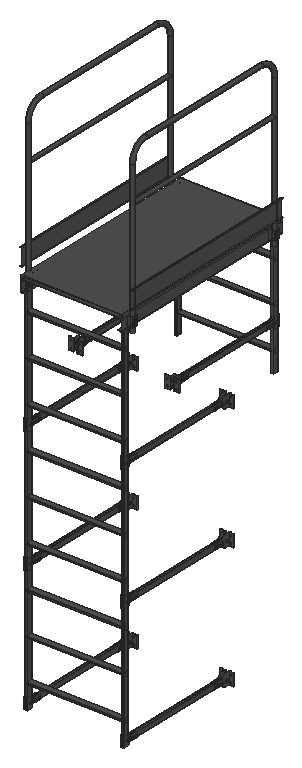
Revit family "BORGE_Вертикальная пожарная лестница_П-1", category Обобщенные модели, Revit 2019
Family settings
  Может служить основой для арматурных стержней = Нет
  Размер круглого соединителя = Использовать диаметр
  Тип детали = Нормальный
  Номер OmniClass = 23.75.70.21.27.11
  Заголовок OmniClass = Diffusers, Registers, and Grilles
  На основе рабочей плоскости = Нет
  Всегда вертикально = Да
  При загрузке вырезать с полостями = Нет
  Общий = Нет
  Точка расчета площади = Нет
Parameters (values of type "Пожарная лестница_П1-1_Чёрный матовый_RAL 9005")
  Предупреждение [instance] = if(BORGE_Высота лестницы > 6000 mm, "Максимальная высота лестницы без ограждения - 6 м", "")  # ""
  Площадка_Тип [instance] = 3
  Лестница_Внутренняя_Тип [instance] = 0
  Лестница_Внутренняя_Видимость [instance] = yes
  Лестница_Внешняя_2_Тип [instance] = 3
  Лестница_Внешняя_1_Тип [instance] = 3
  Кронштейн_Внутренний_Тип [instance] = 0
  Кронштейн_Внешний_Тип [instance] = 3
  Описание = "Максимальная высота лестницы 6м."  # constant formula
  Кронштейн_Внутренний_Видимость [instance] = yes
  Кронштейн_Внутренний_1_Высота [instance] = 700 mm
  Кронштейн_Внешний_6_Высота [instance] = 1000 mm
  Кронштейн_Внешний_6_Видимость [instance] = yes
  Кронштейн_Внешний_5_Высота [instance] = 1000 mm
  Кронштейн_Внешний_5_Видимость [instance] = yes
  Кронштейн_Внешний_4_Высота [instance] = 1000 mm
  Кронштейн_Внешний_4_Видимость [instance] = yes
  Кронштейн_Внешний_3_Высота [instance] = 1000 mm
  Кронштейн_Внешний_3_Видимость [instance] = yes
  Кронштейн_Внешний_2_Высота [instance] = 1000 mm
  Кронштейн_Внешний_2_Видимость [instance] = yes
  Кронштейн_Внешний_1_Высота [instance] = 1000 mm
  Кронштейн_Внешний_1_Видимость [instance] = yes
  Изготовитель = "ООО «Борге», ООО «Бипро»"  # constant formula
  l1 [instance] = if(Кронштейн_Внешний_Тип = 1, 325 mm, if(Кронштейн_Внешний_Тип = 2, 625 mm, if(Кронштейн_Внешний_Тип = 3, 1025 mm, 325 mm)))  # 1025 mm
  Kr_6_Vis [instance] = if(BORGE_Автопостроение длины лестницы, if(ADSK_Размер_Высота > 5999 mm, 1 = 1, 1 = 0), Кронштейн_Внешний_6_Видимость)  # no
  h_6 [instance] = if(BORGE_Автопостроение длины лестницы, 1000 mm, Кронштейн_Внешний_6_Высота)  # 1000 mm
  Kr_5_Vis [instance] = if(BORGE_Автопостроение длины лестницы, if(ADSK_Размер_Высота > 4999 mm, 1 = 1, 1 = 0), Кронштейн_Внешний_5_Видимость)  # no
  h_5 [instance] = if(BORGE_Автопостроение длины лестницы, 1000 mm, Кронштейн_Внешний_5_Высота)  # 1000 mm
  Kr_4_Vis [instance] = if(BORGE_Автопостроение длины лестницы, if(ADSK_Размер_Высота > 3999 mm, 1 = 1, 1 = 0), Кронштейн_Внешний_4_Видимость)  # no
  h_4 [instance] = if(BORGE_Автопостроение длины лестницы, 1000 mm, Кронштейн_Внешний_4_Высота)  # 1000 mm
  Kr_3_Vis [instance] = if(BORGE_Автопостроение длины лестницы, if(ADSK_Размер_Высота > 2999 mm, 1 = 1, 1 = 0), Кронштейн_Внешний_3_Видимость)  # yes
  h_3 [instance] = if(BORGE_Автопостроение длины лестницы, 1000 mm, Кронштейн_Внешний_3_Высота)  # 1000 mm
  Kr_2_Vis [instance] = if(BORGE_Автопостроение длины лестницы, if(ADSK_Размер_Высота > 1999 mm, 1 = 1, 1 = 0), Кронштейн_Внешний_2_Видимость)  # yes
  h_2 [instance] = if(BORGE_Автопостроение длины лестницы, 1000 mm, Кронштейн_Внешний_2_Высота)  # 1000 mm
  Kr_1_Vis [instance] = if(BORGE_Автопостроение длины лестницы, if(ADSK_Размер_Высота > 999 mm, 1 = 1, 1 = 0), Кронштейн_Внешний_1_Видимость)  # yes
  h_1 [instance] = if(BORGE_Автопостроение длины лестницы, 1500 mm, if(Кронштейн_Внешний_1_Высота > 1500 mm, 1500 mm, Кронштейн_Внешний_1_Высота))  # 1500 mm
  Les_Vis_2 [instance] = if(BORGE_Автопостроение длины лестницы, if(ADSK_Размер_Высота > 3999 mm, 1 = 1, 1 = 0), if(Лестница_Внешняя_2_Тип > 1, 1 = 1, 1 = 0))  # no
  Les_Vis_1 [instance] = if(BORGE_Автопостроение длины лестницы, if(ADSK_Размер_Высота > 999 mm, 1 = 1, 1 = 0), if(Лестница_Внешняя_1_Тип > 1, 1 = 1, 1 = 0))  # yes
  URL = "https://borge.ru/"
  LT = "BORGE_Снегозадержатель_Трубчатый"  # constant formula
  Code2_Площадка [instance] = if(Площадка_Тип = 1, Code2, if(Площадка_Тип = 2, Code2 + 22, if(Площадка_Тип = 3, Code2 + 22 * 2, Code2)))  # 46
  Code2_Лестница_Внутренняя [instance] = if(Лестница_Внутренняя_Тип = 1, Code2, if(Лестница_Внутренняя_Тип = 2, Code2, if(Лестница_Внутренняя_Тип = 3, Code2, Code2)))  # 2
  Code2_Лестница_Внешняя_2 [instance] = if(BORGE_Автопостроение длины лестницы, if(ADSK_Размер_Высота > 5999 mm, Code2 + 22 * 2, if(ADSK_Размер_Высота > 4999 mm, Code2 + 22, if(ADSK_Размер_Высота > 3999 mm, Code2, Code2))), if(Лестница_Внешняя_2_Тип = 1, Code2, if(Лестница_Внешняя_2_Тип = 2, Code2 + 22, if(Лестница_Внешняя_2_Тип = 3, Code2 + 22 * 2, Code2))))  # 2
  Code2_Лестница_Внешняя_1 [instance] = if(BORGE_Автопостроение длины лестницы, if(ADSK_Размер_Высота > 2999 mm, Code2 + 22 * 2, if(ADSK_Размер_Высота > 1999 mm, Code2 + 22, if(ADSK_Размер_Высота > 999 mm, Code2, Code2))), if(Лестница_Внешняя_1_Тип = 1, Code2, if(Лестница_Внешняя_1_Тип = 2, Code2 + 22, if(Лестница_Внешняя_1_Тип = 3, Code2 + 22 * 2, Code2))))  # 46
  Code2_Кронштейн_Внутренний [instance] = if(Кронштейн_Внутренний_Тип = 3, Code2, if(Кронштейн_Внутренний_Тип = 1, Code2 + 22, if(Кронштейн_Внутренний_Тип = 2, Code2 + 22 * 2, Code2)))  # 2
  Code2_Кронштейн_Внешний [instance] = if(Кронштейн_Внешний_Тип = 3, Code2, if(Кронштейн_Внешний_Тип = 1, Code2 + 22, if(Кронштейн_Внешний_Тип = 2, Code2 + 22 * 2, Code2)))  # 2
  Code2 = 2
  BORGE_Высота лестницы [instance] = 3000 mm
  BORGE_Автопостроение длины лестницы [instance] = yes
  BIM Support_Сайт = "https://www.bim-support.ru/"
  BIM Support_Разрабочик = "BIM Support"  # constant formula
  ADSK_Размер_Высота [instance] = if(BORGE_Высота лестницы < 6001 mm, roundup(BORGE_Высота лестницы / 1000 mm) * 1000 mm, 6000 mm)  # 3000 mm
  ADSK_Примечание [instance] = ""
  ADSK_Позиция [instance] = ""
  ADSK_Обозначение [instance] = "П1-1"  # constant formula
  ADSK_Наименование краткое [instance] = "Пожарная лестница"
  ADSK_Наименование [instance] = "Пожарная лестница П1-1"  # constant formula
  ADSK_Материал = BOGRE_Уcловный_Чёрный матовый_RAL 9005
  ADSK_Масса_Текст [instance] = "0"
  ADSK_Масса [instance] = 0
  ADSK_Марка [instance] = ADSK_Обозначение  # "П1-1"
  ADSK_Количество [instance] = 1  # constant formula
  ADSK_Код изделия [instance] = ""
  ADSK_Завод-изготовитель [instance] = "ООО «Борге», ООО «Бипро»"  # constant formula
  ADSK_Единица измерения [instance] = "шт."  # constant formula
  ADSK_Группирование [instance] = ""
  ADSK_Версия семейства = "Rev1 2023-08"  # constant formula
  ADSK_URL страницы изделия = "https://borge.pro/p1-1"
  ADSK_URL документации изделия = "https://borge.pro/p1-1"
  A [instance] = if(Площадка_Тип = 1, 800 mm, if(Площадка_Тип = 2, 1200 mm, if(Площадка_Тип = 3, 1600 mm, 800 mm)))  # 1600 mm
Reference planes
  plane 1 "По центру (Вперед/Назад)": y = 0
  plane 2: z = 0
  plane 3 "По центру (Влево/Вправо)": x = 0
  plane 4: z = 1500
  plane 5: z = 2500
  plane 6: z = 3500
  plane 7: z = 4550
  plane 8: y = 525
  plane 9: z = 4500
  plane 10: y = -1075
  plane 11: y = -1025
  plane 12: y = 475
  plane 13: x = -387.486
  plane 14: x = 387.486
  plane 15: z = 4500
  plane 16: z = 5500
  plane 17: z = 6500
  plane 18: z = 7500
  plane 19: z = 3850
  plane 20: z = 1483
Dimensions and locks
  "h_2": plane 5 to plane 4
  "h_3": plane 6 to plane 5
  locked: plane 7 to plane 9 at 50
  "A": plane 10 to plane 8
  locked: plane 10 to plane 11 at 50
  locked: plane 12 to plane 8 at 50
  "l1": plane 1 "По центру (Вперед/Назад)" to plane 11
  "ADSK_Размер_Высота": plane 9 to plane 4
  "h_4": plane 15 to plane 6
  "h_5": plane 16 to plane 15
  "h_6": plane 17 to plane 16
  "h_1": plane 4 to plane 2
  plane 7 to plane 19 = 700 mm
  "Кронштейн_Внутренний_1_Высота": plane 7 to plane 19
  locked: plane 4 to plane 20 at 17
  aligned and locked: level to plane 2
  aligned and locked: plane 3 "По центру (Влево/Вправо)" to nested 1
  aligned and locked: nested 1 to plane 7
  aligned and locked: plane 8 to nested 1
  aligned and locked: plane 9 to nested 2
  aligned and locked: plane 11 to nested 2
  aligned and locked: plane 9 to nested 3
  aligned and locked: plane 13 to nested 4
  aligned and locked: plane 4 to nested 4  (x2)
  aligned and locked: plane 1 "По центру (Вперед/Назад)" to nested 4
  aligned and locked: nested 5 to plane 14
  aligned and locked: plane 4 to nested 5  (x2)
  aligned and locked: plane 1 "По центру (Вперед/Назад)" to nested 5
  aligned and locked: plane 1 "По центру (Вперед/Назад)" to nested 6
  aligned and locked: plane 1 "По центру (Вперед/Назад)" to nested 7
  aligned and locked: plane 1 "По центру (Вперед/Назад)" to nested 8
  aligned and locked: plane 1 "По центру (Вперед/Назад)" to nested 9
  aligned and locked: plane 12 to nested 3
  aligned and locked: plane 17 to nested 17  (x3)
  aligned and locked: plane 16 to nested 15  (x3)
  aligned and locked: plane 15 to nested 13  (x2)
  aligned and locked: plane 6 to nested 8  (x3)
  aligned and locked: plane 5 to nested 6
  aligned and locked: plane 5 to nested 7
  aligned and locked: plane 6 to nested 9
  aligned and locked: plane 15 to nested 14
  aligned and locked: plane 16 to nested 16
  aligned and locked: plane 17 to nested 18
  aligned and locked: plane 11 to nested 12
  aligned and locked: nested 10 to plane 19
  aligned and locked: nested 11 to plane 19
  aligned and locked: nested 10 to plane 13
  aligned and locked: plane 14 to nested 11
  aligned and locked: plane 20 to nested 12
  aligned and locked: nested 10 to plane 12
  aligned and locked: nested 11 to plane 12
Nested families
  nested 1: "SHD_BORGE_Площадка переходная" at (0, 525, 4426.1), ADSK_Материал <- "ADSK_Материал", Code2 <- "Code2_Площадка", ADSK_Группирование <- "ADSK_Группирование", type "Площадка переходная", detail levels fine
    with H 1360 mm, Code2 46, Code1 3, B 800 mm, ADSK_Размер_Ширина 800 mm, ADSK_Размер_Длина 1600 mm, ADSK_Размер_Высота 1360 mm, ADSK_Примечание "", ADSK_Позиция "", ADSK_Обозначение "08.111.16.08.12.000.9005M", ADSK_Наименование краткое "Площадка переходная", ADSK_Наименование "Площадка переходная BORGE 800х1600мм, оцинк., чёрный (RAL 9005 matt)", ADSK_Материал BOGRE_Уcловный_Чёрный матовый_RAL 9005, ADSK_Масса_Текст "2", ADSK_Масса 2, ADSK_Марка "08.111.16.08.12.000.9005M", ADSK_Количество 1, ADSK_Код изделия "", ADSK_Завод-изготовитель "ООО «Борге», ООО «Бипро»", ADSK_Единица измерения "шт.", ADSK_Группирование "", A 1600 mm
  nested 2: "SHD_BORGE_Секция пожарной лестницы" at (0, -1025, 3483), Code2 <- "Code2_Лестница_Внешняя_2", ADSK_Материал <- "ADSK_Материал", visible <- "Les_Vis_2", ADSK_Группирование <- "ADSK_Группирование", type "Секция пожарной лестницы", detail levels fine
    with Vis_3 no, Vis_2 no, Vis_1 yes, H 1000 mm, Code2 2, Code1 1, ADSK_Размер_Высота 1000 mm, ADSK_Примечание "", ADSK_Позиция "", ADSK_Обозначение "08.113.10.08.01.000.9005M", ADSK_Наименование краткое "Секция пожарной лестницы", ADSK_Наименование "Секция пожарной лестницы BORGE 800, 1м, оцинк., чёрный (RAL 9005 matt), CZn", ADSK_Материал BOGRE_Уcловный_Чёрный матовый_RAL 9005, ADSK_Масса_Текст "0.94", ADSK_Масса 0.94, ADSK_Марка "08.113.10.08.01.000.9005M", ADSK_Количество 1, ADSK_Код изделия "", ADSK_Завод-изготовитель "ООО «Борге», ООО «Бипро»", ADSK_Единица измерения "шт.", ADSK_Группирование ""
  nested 3: "SHD_BORGE_Секция пожарной лестницы" at (0, 475, 3483), Code2 <- "Code2_Лестница_Внутренняя", ADSK_Материал <- "ADSK_Материал", ADSK_Группирование <- "ADSK_Группирование", visible <- "Лестница_Внутренняя_Видимость", type "Секция пожарной лестницы", detail levels fine
    with Vis_3 no, Vis_2 no, Vis_1 yes, H 1000 mm, Code2 2, Code1 1, ADSK_Размер_Высота 1000 mm, ADSK_Примечание "", ADSK_Позиция "", ADSK_Обозначение "08.113.10.08.01.000.9005M", ADSK_Наименование краткое "Секция пожарной лестницы", ADSK_Наименование "Секция пожарной лестницы BORGE 800, 1м, оцинк., чёрный (RAL 9005 matt), CZn", ADSK_Материал BOGRE_Уcловный_Чёрный матовый_RAL 9005, ADSK_Масса_Текст "0.94", ADSK_Масса 0.94, ADSK_Марка "08.113.10.08.01.000.9005M", ADSK_Количество 1, ADSK_Код изделия "", ADSK_Завод-изготовитель "ООО «Борге», ООО «Бипро»", ADSK_Единица измерения "шт.", ADSK_Группирование ""
  nested 4: "SHD_BORGE_Стеновой кронштейн" at (-387.486, 0, 1500), Code2 <- "Code2_Кронштейн_Внешний", ADSK_Материал <- "ADSK_Материал", visible <- "Kr_1_Vis", ADSK_Группирование <- "ADSK_Группирование", type "Стеновой кронштейн", detail levels fine
    with L 1000 mm, Code2 2, Code1 3, ADSK_Размер_Длина 1047 mm, ADSK_Примечание "", ADSK_Позиция "", ADSK_Обозначение "08.104.10.01.01.000.9005M", ADSK_Наименование краткое "Стеновой кронштейн", ADSK_Наименование "Стеновой кронштейн BORGE для пожарной лестницы, 1000мм, оцинк., чёрный (RAL 9005 matt)", ADSK_Материал BOGRE_Уcловный_Чёрный матовый_RAL 9005, ADSK_Масса_Текст "2", ADSK_Масса 2, ADSK_Марка "08.104.10.01.01.000.9005M", ADSK_Количество 1, ADSK_Код изделия "", ADSK_Завод-изготовитель "ООО «Борге», ООО «Бипро»", ADSK_Единица измерения "шт.", ADSK_Группирование ""
  nested 5: "SHD_BORGE_Стеновой кронштейн" at (387.486, 0, 1500), Code2 <- "Code2_Кронштейн_Внешний", ADSK_Материал <- "ADSK_Материал", visible <- "Kr_1_Vis", ADSK_Группирование <- "ADSK_Группирование", type "Стеновой кронштейн", detail levels fine
    with L 1000 mm, Code2 2, Code1 3, ADSK_Размер_Длина 1047 mm, ADSK_Примечание "", ADSK_Позиция "", ADSK_Обозначение "08.104.10.01.01.000.9005M", ADSK_Наименование краткое "Стеновой кронштейн", ADSK_Наименование "Стеновой кронштейн BORGE для пожарной лестницы, 1000мм, оцинк., чёрный (RAL 9005 matt)", ADSK_Материал BOGRE_Уcловный_Чёрный матовый_RAL 9005, ADSK_Масса_Текст "2", ADSK_Масса 2, ADSK_Марка "08.104.10.01.01.000.9005M", ADSK_Количество 1, ADSK_Код изделия "", ADSK_Завод-изготовитель "ООО «Борге», ООО «Бипро»", ADSK_Единица измерения "шт.", ADSK_Группирование ""
  nested 6: "SHD_BORGE_Стеновой кронштейн" at (-387.486, 0, 2500), Code2 <- "Code2_Кронштейн_Внешний", ADSK_Материал <- "ADSK_Материал", visible <- "Kr_2_Vis", ADSK_Группирование <- "ADSK_Группирование", type "Стеновой кронштейн", detail levels fine
    with L 1000 mm, Code2 2, Code1 3, ADSK_Размер_Длина 1047 mm, ADSK_Примечание "", ADSK_Позиция "", ADSK_Обозначение "08.104.10.01.01.000.9005M", ADSK_Наименование краткое "Стеновой кронштейн", ADSK_Наименование "Стеновой кронштейн BORGE для пожарной лестницы, 1000мм, оцинк., чёрный (RAL 9005 matt)", ADSK_Материал BOGRE_Уcловный_Чёрный матовый_RAL 9005, ADSK_Масса_Текст "2", ADSK_Масса 2, ADSK_Марка "08.104.10.01.01.000.9005M", ADSK_Количество 1, ADSK_Код изделия "", ADSK_Завод-изготовитель "ООО «Борге», ООО «Бипро»", ADSK_Единица измерения "шт.", ADSK_Группирование ""
  nested 7: "SHD_BORGE_Стеновой кронштейн" at (387.486, 0, 2500), Code2 <- "Code2_Кронштейн_Внешний", ADSK_Материал <- "ADSK_Материал", visible <- "Kr_2_Vis", ADSK_Группирование <- "ADSK_Группирование", type "Стеновой кронштейн", detail levels fine
    with L 1000 mm, Code2 2, Code1 3, ADSK_Размер_Длина 1047 mm, ADSK_Примечание "", ADSK_Позиция "", ADSK_Обозначение "08.104.10.01.01.000.9005M", ADSK_Наименование краткое "Стеновой кронштейн", ADSK_Наименование "Стеновой кронштейн BORGE для пожарной лестницы, 1000мм, оцинк., чёрный (RAL 9005 matt)", ADSK_Материал BOGRE_Уcловный_Чёрный матовый_RAL 9005, ADSK_Масса_Текст "2", ADSK_Масса 2, ADSK_Марка "08.104.10.01.01.000.9005M", ADSK_Количество 1, ADSK_Код изделия "", ADSK_Завод-изготовитель "ООО «Борге», ООО «Бипро»", ADSK_Единица измерения "шт.", ADSK_Группирование ""
  nested 8: "SHD_BORGE_Стеновой кронштейн" at (-387.486, 0, 3500), Code2 <- "Code2_Кронштейн_Внешний", ADSK_Материал <- "ADSK_Материал", visible <- "Kr_3_Vis", ADSK_Группирование <- "ADSK_Группирование", type "Стеновой кронштейн", detail levels fine
    with L 1000 mm, Code2 2, Code1 3, ADSK_Размер_Длина 1047 mm, ADSK_Примечание "", ADSK_Позиция "", ADSK_Обозначение "08.104.10.01.01.000.9005M", ADSK_Наименование краткое "Стеновой кронштейн", ADSK_Наименование "Стеновой кронштейн BORGE для пожарной лестницы, 1000мм, оцинк., чёрный (RAL 9005 matt)", ADSK_Материал BOGRE_Уcловный_Чёрный матовый_RAL 9005, ADSK_Масса_Текст "2", ADSK_Масса 2, ADSK_Марка "08.104.10.01.01.000.9005M", ADSK_Количество 1, ADSK_Код изделия "", ADSK_Завод-изготовитель "ООО «Борге», ООО «Бипро»", ADSK_Единица измерения "шт.", ADSK_Группирование ""
  nested 9: "SHD_BORGE_Стеновой кронштейн" at (387.486, 0, 3500), Code2 <- "Code2_Кронштейн_Внешний", ADSK_Материал <- "ADSK_Материал", visible <- "Kr_3_Vis", ADSK_Группирование <- "ADSK_Группирование", type "Стеновой кронштейн", detail levels fine
    with L 1000 mm, Code2 2, Code1 3, ADSK_Размер_Длина 1047 mm, ADSK_Примечание "", ADSK_Позиция "", ADSK_Обозначение "08.104.10.01.01.000.9005M", ADSK_Наименование краткое "Стеновой кронштейн", ADSK_Наименование "Стеновой кронштейн BORGE для пожарной лестницы, 1000мм, оцинк., чёрный (RAL 9005 matt)", ADSK_Материал BOGRE_Уcловный_Чёрный матовый_RAL 9005, ADSK_Масса_Текст "2", ADSK_Масса 2, ADSK_Марка "08.104.10.01.01.000.9005M", ADSK_Количество 1, ADSK_Код изделия "", ADSK_Завод-изготовитель "ООО «Борге», ООО «Бипро»", ADSK_Единица измерения "шт.", ADSK_Группирование ""
  nested 10: "SHD_BORGE_Стеновой кронштейн" at (-387.486, -549.996, 3850), Code2 <- "Code2_Кронштейн_Внутренний", ADSK_Материал <- "ADSK_Материал", ADSK_Группирование <- "ADSK_Группирование", visible <- "Кронштейн_Внутренний_Видимость", type "Стеновой кронштейн", detail levels fine
    with L 1000 mm, Code2 2, Code1 3, ADSK_Размер_Длина 1047 mm, ADSK_Примечание "", ADSK_Позиция "", ADSK_Обозначение "08.104.10.01.01.000.9005M", ADSK_Наименование краткое "Стеновой кронштейн", ADSK_Наименование "Стеновой кронштейн BORGE для пожарной лестницы, 1000мм, оцинк., чёрный (RAL 9005 matt)", ADSK_Материал BOGRE_Уcловный_Чёрный матовый_RAL 9005, ADSK_Масса_Текст "2", ADSK_Масса 2, ADSK_Марка "08.104.10.01.01.000.9005M", ADSK_Количество 1, ADSK_Код изделия "", ADSK_Завод-изготовитель "ООО «Борге», ООО «Бипро»", ADSK_Единица измерения "шт.", ADSK_Группирование ""
  nested 11: "SHD_BORGE_Стеновой кронштейн" at (387.486, -549.996, 3850), Code2 <- "Code2_Кронштейн_Внутренний", ADSK_Материал <- "ADSK_Материал", ADSK_Группирование <- "ADSK_Группирование", visible <- "Кронштейн_Внутренний_Видимость", type "Стеновой кронштейн", detail levels fine
    with L 1000 mm, Code2 2, Code1 3, ADSK_Размер_Длина 1047 mm, ADSK_Примечание "", ADSK_Позиция "", ADSK_Обозначение "08.104.10.01.01.000.9005M", ADSK_Наименование краткое "Стеновой кронштейн", ADSK_Наименование "Стеновой кронштейн BORGE для пожарной лестницы, 1000мм, оцинк., чёрный (RAL 9005 matt)", ADSK_Материал BOGRE_Уcловный_Чёрный матовый_RAL 9005, ADSK_Масса_Текст "2", ADSK_Масса 2, ADSK_Марка "08.104.10.01.01.000.9005M", ADSK_Количество 1, ADSK_Код изделия "", ADSK_Завод-изготовитель "ООО «Борге», ООО «Бипро»", ADSK_Единица измерения "шт.", ADSK_Группирование ""
  nested 12: "SHD_BORGE_Секция пожарной лестницы" at (0, -1025, 1483), Code2 <- "Code2_Лестница_Внешняя_1", ADSK_Материал <- "ADSK_Материал", visible <- "Les_Vis_1", ADSK_Группирование <- "ADSK_Группирование", type "Секция пожарной лестницы", detail levels fine
    with Vis_3 yes, Vis_2 yes, Vis_1 yes, H 3000 mm, Code2 46, Code1 3, ADSK_Размер_Высота 3000 mm, ADSK_Примечание "", ADSK_Позиция "", ADSK_Обозначение "08.113.30.08.01.000.9005M", ADSK_Наименование краткое "Секция пожарной лестницы", ADSK_Наименование "Секция пожарной лестницы BORGE 800, 3м, оцинк., чёрный (RAL 9005 matt), CZn", ADSK_Материал BOGRE_Уcловный_Чёрный матовый_RAL 9005, ADSK_Масса_Текст "2", ADSK_Масса 2, ADSK_Марка "08.113.30.08.01.000.9005M", ADSK_Количество 1, ADSK_Код изделия "", ADSK_Завод-изготовитель "ООО «Борге», ООО «Бипро»", ADSK_Единица измерения "шт.", ADSK_Группирование ""
  nested 13: "SHD_BORGE_Стеновой кронштейн" at (-387.486, 0, 4500), Code2 <- "Code2_Кронштейн_Внешний", ADSK_Материал <- "ADSK_Материал", visible <- "Kr_4_Vis", ADSK_Группирование <- "ADSK_Группирование", type "Стеновой кронштейн", detail levels fine
    with L 1000 mm, Code2 2, Code1 3, ADSK_Размер_Длина 1047 mm, ADSK_Примечание "", ADSK_Позиция "", ADSK_Обозначение "08.104.10.01.01.000.9005M", ADSK_Наименование краткое "Стеновой кронштейн", ADSK_Наименование "Стеновой кронштейн BORGE для пожарной лестницы, 1000мм, оцинк., чёрный (RAL 9005 matt)", ADSK_Материал BOGRE_Уcловный_Чёрный матовый_RAL 9005, ADSK_Масса_Текст "2", ADSK_Масса 2, ADSK_Марка "08.104.10.01.01.000.9005M", ADSK_Количество 1, ADSK_Код изделия "", ADSK_Завод-изготовитель "ООО «Борге», ООО «Бипро»", ADSK_Единица измерения "шт.", ADSK_Группирование ""
  nested 14: "SHD_BORGE_Стеновой кронштейн" at (387.486, 0, 4500), Code2 <- "Code2_Кронштейн_Внешний", ADSK_Материал <- "ADSK_Материал", visible <- "Kr_4_Vis", ADSK_Группирование <- "ADSK_Группирование", type "Стеновой кронштейн", detail levels fine
    with L 1000 mm, Code2 2, Code1 3, ADSK_Размер_Длина 1047 mm, ADSK_Примечание "", ADSK_Позиция "", ADSK_Обозначение "08.104.10.01.01.000.9005M", ADSK_Наименование краткое "Стеновой кронштейн", ADSK_Наименование "Стеновой кронштейн BORGE для пожарной лестницы, 1000мм, оцинк., чёрный (RAL 9005 matt)", ADSK_Материал BOGRE_Уcловный_Чёрный матовый_RAL 9005, ADSK_Масса_Текст "2", ADSK_Масса 2, ADSK_Марка "08.104.10.01.01.000.9005M", ADSK_Количество 1, ADSK_Код изделия "", ADSK_Завод-изготовитель "ООО «Борге», ООО «Бипро»", ADSK_Единица измерения "шт.", ADSK_Группирование ""
  nested 15: "SHD_BORGE_Стеновой кронштейн" at (-387.486, 0, 5500), Code2 <- "Code2_Кронштейн_Внешний", ADSK_Материал <- "ADSK_Материал", visible <- "Kr_5_Vis", ADSK_Группирование <- "ADSK_Группирование", type "Стеновой кронштейн", detail levels fine
    with L 1000 mm, Code2 2, Code1 3, ADSK_Размер_Длина 1047 mm, ADSK_Примечание "", ADSK_Позиция "", ADSK_Обозначение "08.104.10.01.01.000.9005M", ADSK_Наименование краткое "Стеновой кронштейн", ADSK_Наименование "Стеновой кронштейн BORGE для пожарной лестницы, 1000мм, оцинк., чёрный (RAL 9005 matt)", ADSK_Материал BOGRE_Уcловный_Чёрный матовый_RAL 9005, ADSK_Масса_Текст "2", ADSK_Масса 2, ADSK_Марка "08.104.10.01.01.000.9005M", ADSK_Количество 1, ADSK_Код изделия "", ADSK_Завод-изготовитель "ООО «Борге», ООО «Бипро»", ADSK_Единица измерения "шт.", ADSK_Группирование ""
  nested 16: "SHD_BORGE_Стеновой кронштейн" at (387.486, 0, 5500), Code2 <- "Code2_Кронштейн_Внешний", ADSK_Материал <- "ADSK_Материал", visible <- "Kr_5_Vis", ADSK_Группирование <- "ADSK_Группирование", type "Стеновой кронштейн", detail levels fine
    with L 1000 mm, Code2 2, Code1 3, ADSK_Размер_Длина 1047 mm, ADSK_Примечание "", ADSK_Позиция "", ADSK_Обозначение "08.104.10.01.01.000.9005M", ADSK_Наименование краткое "Стеновой кронштейн", ADSK_Наименование "Стеновой кронштейн BORGE для пожарной лестницы, 1000мм, оцинк., чёрный (RAL 9005 matt)", ADSK_Материал BOGRE_Уcловный_Чёрный матовый_RAL 9005, ADSK_Масса_Текст "2", ADSK_Масса 2, ADSK_Марка "08.104.10.01.01.000.9005M", ADSK_Количество 1, ADSK_Код изделия "", ADSK_Завод-изготовитель "ООО «Борге», ООО «Бипро»", ADSK_Единица измерения "шт.", ADSK_Группирование ""
  nested 17: "SHD_BORGE_Стеновой кронштейн" at (-387.486, 0, 6500), Code2 <- "Code2_Кронштейн_Внешний", ADSK_Материал <- "ADSK_Материал", visible <- "Kr_6_Vis", ADSK_Группирование <- "ADSK_Группирование", type "Стеновой кронштейн", detail levels fine
    with L 1000 mm, Code2 2, Code1 3, ADSK_Размер_Длина 1047 mm, ADSK_Примечание "", ADSK_Позиция "", ADSK_Обозначение "08.104.10.01.01.000.9005M", ADSK_Наименование краткое "Стеновой кронштейн", ADSK_Наименование "Стеновой кронштейн BORGE для пожарной лестницы, 1000мм, оцинк., чёрный (RAL 9005 matt)", ADSK_Материал BOGRE_Уcловный_Чёрный матовый_RAL 9005, ADSK_Масса_Текст "2", ADSK_Масса 2, ADSK_Марка "08.104.10.01.01.000.9005M", ADSK_Количество 1, ADSK_Код изделия "", ADSK_Завод-изготовитель "ООО «Борге», ООО «Бипро»", ADSK_Единица измерения "шт.", ADSK_Группирование ""
  nested 18: "SHD_BORGE_Стеновой кронштейн" at (387.486, 0, 6500), Code2 <- "Code2_Кронштейн_Внешний", ADSK_Материал <- "ADSK_Материал", visible <- "Kr_6_Vis", ADSK_Группирование <- "ADSK_Группирование", type "Стеновой кронштейн", detail levels fine
    with L 1000 mm, Code2 2, Code1 3, ADSK_Размер_Длина 1047 mm, ADSK_Примечание "", ADSK_Позиция "", ADSK_Обозначение "08.104.10.01.01.000.9005M", ADSK_Наименование краткое "Стеновой кронштейн", ADSK_Наименование "Стеновой кронштейн BORGE для пожарной лестницы, 1000мм, оцинк., чёрный (RAL 9005 matt)", ADSK_Материал BOGRE_Уcловный_Чёрный матовый_RAL 9005, ADSK_Масса_Текст "2", ADSK_Масса 2, ADSK_Марка "08.104.10.01.01.000.9005M", ADSK_Количество 1, ADSK_Код изделия "", ADSK_Завод-изготовитель "ООО «Борге», ООО «Бипро»", ADSK_Единица измерения "шт.", ADSK_Группирование ""
Definition of nested family "SHD_BORGE_Площадка переходная"
  Parameters (values of type "Площадка переходная")
    Manufacturer = "ООО «Борге», ООО «Бипро»"  # constant formula
    URL = "https://borge.ru/"
    LT = "BORGE_Площадка переходная"  # constant formula
    H [instance] = 1360 mm  # constant formula
    Code2 [instance] = 1
    Code1 [instance] = size_lookup(LT, "Code1", 1, Code2)  # 1
    B [instance] = if(Code1 = 1, 800 mm, if(Code1 = 2, 800 mm, if(Code1 = 3, 800 mm, 800 mm)))  # 800 mm
    ADSK_Размер_Ширина [instance] = B  # 800 mm
    ADSK_Размер_Длина [instance] = A  # 800 mm
    ADSK_Размер_Высота [instance] = H  # 1360 mm
    ADSK_Примечание [instance] = ""
    ADSK_Позиция [instance] = ""
    ADSK_Обозначение [instance] = size_lookup(LT, "ADSK_Обозначение", "НЕ НАЙДЕНО", Code2)  # "08.111.08.08.12.000.9006"
    ADSK_Наименование краткое [instance] = "Площадка переходная"
    ADSK_Наименование [instance] = size_lookup(LT, "ADSK_Наименование", "НЕ НАЙДЕНО", Code2)  # "Площадка переходная BORGE 800х800мм, оцинк., бело-алюминиевый (RAL 9006)"
    ADSK_Материал [instance] = none
    ADSK_Масса_Текст [instance] = if(Code1 = 1, "0.94", if(Code1 = 2, "1.4", "2"))  # "0.94"
    ADSK_Масса [instance] = if(Code1 = 1, 0.94, if(Code1 = 2, 1.4, 2))  # 0.94
    ADSK_Марка [instance] = ADSK_Обозначение  # "08.111.08.08.12.000.9006"
    ADSK_Количество [instance] = 1  # constant formula
    ADSK_Код изделия [instance] = ""
    ADSK_Завод-изготовитель [instance] = "ООО «Борге», ООО «Бипро»"  # constant formula
    ADSK_Единица измерения [instance] = "шт."  # constant formula
    ADSK_Группирование [instance] = ""
    ADSK_Версия семейства = "Rev1 2023-08"  # constant formula
    ADSK_URL страницы изделия = "https://borge.ru/products/fire-stairs/vertical_stairs/"
    ADSK_URL документации изделия = "https://borge.ru/products/fire-stairs/vertical_stairs/"
    A [instance] = if(Code1 = 1, 800 mm, if(Code1 = 2, 1200 mm, if(Code1 = 3, 1600 mm, 800 mm)))  # 800 mm
  Reference planes
    plane 1 "По центру (Вперед/Назад)": y = 0
    plane 2: z = 0
    plane 3 "По центру (Влево/Вправо)": x = 0
    plane 4: y = -800
    plane 5 "1": x = -418.396
    plane 6 "2": x = 418.396
    plane 7: y = -89.933
    plane 8: y = -709.933
    plane 9 "3": x = -400
    plane 10 "4": x = 400
    plane 11: y = -47
    plane 12: y = -753
    plane 13: y = -737.29
    plane 14: y = -62.29
    plane 15 "8": x = -403.4
    plane 16 "9": x = 403.4
  Forms (mm)
    Sweep 1, solid, material <- "ADSK_Материал", detail levels fine
      path origin (-418.396, 0, 0) x (0, -1, 0) y (0, 0, 1)
        loop
          line (89.933, 0) -> (89.933, 1214.082)
          arc (89.933, 1214.082) -> (128.009, 1306.006) -> (219.933, 1344.082) r 130
          line (219.933, 1344.082) -> (579.933, 1344.082)
          arc (579.933, 1344.082) -> (671.857, 1306.006) -> (709.933, 1214.082) r 130
          line (709.933, 1214.082) -> (709.933, 0)
      profile origin (-418.396, -89.933, 607.041) x (0, 1, 0) y (-1, 0, 0)
        loop
          circle (0, 0) r 16.494
    Sweep 2, solid, material <- "ADSK_Материал", detail levels fine
      path origin (418.396, 0, 0) x (0, -1, 0) y (0, 0, -1)
        loop
          line (89.933, 0) -> (89.933, -1214.082)
          arc (89.933, -1214.082) -> (128.009, -1306.006) -> (219.933, -1344.082) r 130
          line (219.933, -1344.082) -> (579.933, -1344.082)
          arc (579.933, -1344.082) -> (671.857, -1306.006) -> (709.933, -1214.082) r 130
          line (709.933, -1214.082) -> (709.933, 0)
      profile origin (418.396, -89.933, 607.041) x (0, -1, 0) y (1, 0, 0)
        loop
          circle (0, 0) r 16.494
    Extrusion 3, solid, material <- "ADSK_Материал", detail levels fine
      sketch origin (0, 265, 0) x (0, 0, 1) y (1, 0, 0)
        loop
          circle (925.096, -418.396) r 15.963
      from -974.933 to -354.933
    Extrusion 4, solid, material <- "ADSK_Материал", detail levels fine
      sketch origin (0, 265, 0) x (0, 0, 1) y (1, 0, 0)
        loop
          circle (925.096, 418.396) r 15.963
      from -974.933 to -354.933
    Extrusion 5, solid, material <- "ADSK_Материал", detail levels fine
      sketch origin (0, 265, 0) x (0, 0, 1) y (1, 0, 0)
        loop
          arc (324.4, 437.474) -> (323.938, 436.358) -> (322.821, 435.896) r 1.579
          line (322.821, 435.896) -> (188.892, 435.896)
          arc (188.892, 435.896) -> (187.837, 436.333) -> (187.4, 437.388) r 1.492
          line (187.4, 437.388) -> (187.4, 449.396) -> (185.9, 449.396) -> (185.9, 437.379)
          arc (185.9, 437.379) -> (186.774, 435.27) -> (188.883, 434.396) r 2.983
          line (188.883, 434.396) -> (322.945, 434.396)
          arc (322.945, 434.396) -> (325.034, 435.261) -> (325.9, 437.351) r 2.955
          line (325.9, 437.351) -> (325.9, 449.396) -> (324.4, 449.396) -> (324.4, 437.474)
      from -1018 to -312
    Extrusion 6, solid, material <- "ADSK_Материал", detail levels fine
      sketch origin (0, 265, 0) x (0, 0, 1) y (1, 0, 0)
        loop
          line (324.4, -437.474) -> (324.4, -449.396) -> (325.9, -449.396) -> (325.9, -437.351)
          arc (325.9, -437.351) -> (325.034, -435.261) -> (322.945, -434.396) r 2.955
          line (322.945, -434.396) -> (188.883, -434.396)
          arc (188.883, -434.396) -> (186.774, -435.27) -> (185.9, -437.379) r 2.983
          line (185.9, -437.379) -> (185.9, -449.396) -> (187.4, -449.396) -> (187.4, -437.388)
          arc (187.4, -437.388) -> (187.837, -436.333) -> (188.892, -435.896) r 1.492
          line (188.892, -435.896) -> (322.821, -435.896)
          arc (322.821, -435.896) -> (323.938, -436.358) -> (324.4, -437.474) r 1.579
      from -1018 to -312
    Extrusion 7, solid, material <- "ADSK_Материал", detail levels fine
      sketch origin (0, 265, 0) x (0, 0, 1) y (1, 0, 0)
        loop
          line (33.9, 370.4) -> (36.9, 370.4) -> (36.9, 398.918)
          arc (36.9, 398.918) -> (37.334, 399.966) -> (38.382, 400.4) r 1.482
          line (38.382, 400.4) -> (119.406, 400.4)
          arc (119.406, 400.4) -> (120.462, 399.962) -> (120.9, 398.906) r 1.494
          line (120.9, 398.906) -> (120.9, 363.4) -> (123.9, 363.4) -> (123.9, 398.901)
          arc (123.9, 398.901) -> (122.582, 402.082) -> (119.401, 403.4) r 4.499
          line (119.401, 403.4) -> (38.449, 403.4)
          arc (38.449, 403.4) -> (35.232, 402.068) -> (33.9, 398.851) r 4.549
          line (33.9, 398.851) -> (33.9, 370.4)
      from -1065 to -265
    Extrusion 8, solid, material <- "ADSK_Материал", detail levels fine
      sketch origin (0, 265, 0) x (0, 0, 1) y (1, 0, 0)
        loop
          line (33.9, -370.4) -> (33.9, -398.851)
          arc (33.9, -398.851) -> (35.232, -402.068) -> (38.449, -403.4) r 4.549
          line (38.449, -403.4) -> (119.401, -403.4)
          arc (119.401, -403.4) -> (122.582, -402.082) -> (123.9, -398.901) r 4.499
          line (123.9, -398.901) -> (123.9, -363.4) -> (120.9, -363.4) -> (120.9, -398.906)
          arc (120.9, -398.906) -> (120.462, -399.962) -> (119.406, -400.4) r 1.494
          line (119.406, -400.4) -> (38.382, -400.4)
          arc (38.382, -400.4) -> (37.334, -399.966) -> (36.9, -398.918) r 1.482
          line (36.9, -398.918) -> (36.9, -370.4) -> (33.9, -370.4)
      from -1065 to -265
    Extrusion 9, solid, material <- "ADSK_Материал", detail levels fine
      sketch origin (0, 0, 0) x (0, 1, 0) y (0, 0, 1)
        loop
          line (-21.5, 123.9) -> (-2.212, 123.9)
          arc (-2.212, 123.9) -> (-0.648, 124.548) -> (0, 126.112) r 2.212
          line (0, 126.112) -> (0, 153.624)
          arc (0, 153.624) -> (-0.667, 155.233) -> (-2.276, 155.9) r 2.276
          line (-2.276, 155.9) -> (-797.701, 155.9)
          arc (-797.701, 155.9) -> (-799.327, 155.227) -> (-800, 153.601) r 2.299
          line (-800, 153.601) -> (-800, 127.692)
          arc (-800, 127.692) -> (-799.329, 126.071) -> (-797.708, 125.4) r 2.292
          line (-797.708, 125.4) -> (-777, 125.4) -> (-777, 126.9) -> (-797.733, 126.9)
          arc (-797.733, 126.9) -> (-798.275, 127.125) -> (-798.5, 127.667) r 0.767
          line (-798.5, 127.667) -> (-798.5, 153.65)
          arc (-798.5, 153.65) -> (-798.28, 154.18) -> (-797.75, 154.4) r 0.75
          line (-797.75, 154.4) -> (-2.276, 154.4)
          arc (-2.276, 154.4) -> (-1.727, 154.173) -> (-1.5, 153.624) r 0.776
          line (-1.5, 153.624) -> (-1.5, 126.182)
          arc (-1.5, 126.182) -> (-1.729, 125.629) -> (-2.282, 125.4) r 0.782
          line (-2.282, 125.4) -> (-21.5, 125.4) -> (-21.5, 123.9)
      from -403.4 to 403.4
    Extrusion 10, solid, material <- "ADSK_Материал", detail levels fine
      sketch origin (0, 0, 0) x (1, 0, 0) y (0, 1, 0)
        loop
          line (407.9, -52) -> (406.4, -52) -> (406.4, -71.475)
          arc (406.4, -71.475) -> (407.285, -73.612) -> (409.423, -74.498) r 3.023
          line (409.423, -74.498) -> (435.945, -74.498)
          arc (435.945, -74.498) -> (436.971, -74.923) -> (437.396, -75.949) r 1.451
          line (437.396, -75.949) -> (437.396, -105.031)
          arc (437.396, -105.031) -> (436.967, -106.065) -> (435.933, -106.494) r 1.463
          line (435.933, -106.494) -> (409.35, -106.494)
          arc (409.35, -106.494) -> (407.264, -107.358) -> (406.4, -109.444) r 2.95
          line (406.4, -109.444) -> (406.4, -128.992) -> (407.9, -128.992) -> (407.9, -109.45)
          arc (407.9, -109.45) -> (408.326, -108.42) -> (409.356, -107.994) r 1.456
          line (409.356, -107.994) -> (435.926, -107.994)
          arc (435.926, -107.994) -> (438.026, -107.124) -> (438.896, -105.024) r 2.97
          line (438.896, -105.024) -> (438.896, -76.038)
          arc (438.896, -76.038) -> (438.005, -73.888) -> (435.855, -72.998) r 3.041
          line (435.855, -72.998) -> (409.412, -72.998)
          arc (409.412, -72.998) -> (408.343, -72.555) -> (407.9, -71.486) r 1.512
          line (407.9, -71.486) -> (407.9, -52)
      from 39.9 to 117
    Extrusion 11, solid, material <- "ADSK_Материал", detail levels fine
      sketch origin (0, -1020, 0) x (1, 0, 0) y (0, 1, 0)
        loop
          line (407.9, 348) -> (406.4, 348) -> (406.4, 328.525)
          arc (406.4, 328.525) -> (407.285, 326.388) -> (409.423, 325.502) r 3.023
          line (409.423, 325.502) -> (435.945, 325.502)
          arc (435.945, 325.502) -> (436.971, 325.077) -> (437.396, 324.051) r 1.451
          line (437.396, 324.051) -> (437.396, 294.969)
          arc (437.396, 294.969) -> (436.967, 293.935) -> (435.933, 293.506) r 1.463
          line (435.933, 293.506) -> (409.35, 293.506)
          arc (409.35, 293.506) -> (407.264, 292.642) -> (406.4, 290.556) r 2.95
          line (406.4, 290.556) -> (406.4, 271.008) -> (407.9, 271.008) -> (407.9, 290.55)
          arc (407.9, 290.55) -> (408.326, 291.58) -> (409.356, 292.006) r 1.456
          line (409.356, 292.006) -> (435.926, 292.006)
          arc (435.926, 292.006) -> (438.026, 292.876) -> (438.896, 294.976) r 2.97
          line (438.896, 294.976) -> (438.896, 323.962)
          arc (438.896, 323.962) -> (438.005, 326.112) -> (435.855, 327.002) r 3.041
          line (435.855, 327.002) -> (409.412, 327.002)
          arc (409.412, 327.002) -> (408.343, 327.445) -> (407.9, 328.514) r 1.512
          line (407.9, 328.514) -> (407.9, 348)
      from 39.9 to 117
    Extrusion 12, solid, material <- "ADSK_Материал", detail levels fine
      sketch origin (0, 0, 0) x (-1, 0, 0) y (0, -1, 0)
        loop
          line (407.9, 52) -> (407.9, 71.486)
          arc (407.9, 71.486) -> (408.343, 72.555) -> (409.412, 72.998) r 1.512
          line (409.412, 72.998) -> (435.855, 72.998)
          arc (435.855, 72.998) -> (438.005, 73.888) -> (438.896, 76.038) r 3.041
          line (438.896, 76.038) -> (438.896, 105.024)
          arc (438.896, 105.024) -> (438.026, 107.124) -> (435.926, 107.994) r 2.97
          line (435.926, 107.994) -> (409.356, 107.994)
          arc (409.356, 107.994) -> (408.326, 108.42) -> (407.9, 109.45) r 1.456
          line (407.9, 109.45) -> (407.9, 128.992) -> (406.4, 128.992) -> (406.4, 109.444)
          arc (406.4, 109.444) -> (407.264, 107.358) -> (409.35, 106.494) r 2.95
          line (409.35, 106.494) -> (435.933, 106.494)
          arc (435.933, 106.494) -> (436.967, 106.065) -> (437.396, 105.031) r 1.463
          line (437.396, 105.031) -> (437.396, 75.949)
          arc (437.396, 75.949) -> (436.971, 74.923) -> (435.945, 74.498) r 1.451
          line (435.945, 74.498) -> (409.423, 74.498)
          arc (409.423, 74.498) -> (407.285, 73.612) -> (406.4, 71.475) r 3.023
          line (406.4, 71.475) -> (406.4, 52) -> (407.9, 52)
      from 39.9 to 117
    Extrusion 13, solid, material <- "ADSK_Материал", detail levels fine
      sketch origin (0, -1020, 0) x (-1, 0, 0) y (0, -1, 0)
        loop
          line (407.9, -348) -> (407.9, -328.514)
          arc (407.9, -328.514) -> (408.343, -327.445) -> (409.412, -327.002) r 1.512
          line (409.412, -327.002) -> (435.855, -327.002)
          arc (435.855, -327.002) -> (438.005, -326.112) -> (438.896, -323.962) r 3.041
          line (438.896, -323.962) -> (438.896, -294.976)
          arc (438.896, -294.976) -> (438.026, -292.876) -> (435.926, -292.006) r 2.97
          line (435.926, -292.006) -> (409.356, -292.006)
          arc (409.356, -292.006) -> (408.326, -291.58) -> (407.9, -290.55) r 1.456
          line (407.9, -290.55) -> (407.9, -271.008) -> (406.4, -271.008) -> (406.4, -290.556)
          arc (406.4, -290.556) -> (407.264, -292.642) -> (409.35, -293.506) r 2.95
          line (409.35, -293.506) -> (435.933, -293.506)
          arc (435.933, -293.506) -> (436.967, -293.935) -> (437.396, -294.969) r 1.463
          line (437.396, -294.969) -> (437.396, -324.051)
          arc (437.396, -324.051) -> (436.971, -325.077) -> (435.945, -325.502) r 1.451
          line (435.945, -325.502) -> (409.423, -325.502)
          arc (409.423, -325.502) -> (407.285, -326.388) -> (406.4, -328.525) r 3.023
          line (406.4, -328.525) -> (406.4, -348) -> (407.9, -348)
      from 40 to 117
  Dimensions and locks
    "A": plane 4 to plane 1 "По центру (Вперед/Назад)"
    locked: plane 4 to plane 8 at 90.067
    locked: plane 1 "По центру (Вперед/Назад)" to plane 7 at 89.933
    equal spacing: plane 9 "3", plane 3 "По центру (Влево/Вправо)", plane 10 "4"
    "B": plane 9 "3" to plane 10 "4"
    locked: plane 10 "4" to plane 6 "2" at 18.396
    locked: plane 5 "1" to plane 9 "3" at 18.396
    locked: plane 8 to plane 12 at 43.067
    locked: plane 11 to plane 7 at 42.933
    locked: plane 13 to plane 12 at 15.71
    locked: plane 11 to plane 14 at 15.29
    locked: plane 15 "8" to plane 9 "3" at 3.4
    locked: plane 10 "4" to plane 16 "9" at 3.4
    aligned and locked: level to plane 2
    aligned and locked: profile plane to Sweep 1 sketch curve
    aligned and locked: plane 7 to Sweep 1 sketch curve
    aligned and locked: Sweep 1 sketch curve to plane 7
    aligned and locked: Sweep 1 sketch curve to plane 8
    aligned and locked: plane 7 to Sweep 2 sketch curve  (x2)
    aligned and locked: plane 6 "2" to Sweep 2 sketch curve
    aligned and locked: plane 8 to Sweep 2 sketch curve
    aligned and locked: plane 5 "1" to Extrusion 3 sketch curve
    aligned and locked: plane 6 "2" to Extrusion 4 sketch curve
    aligned and locked: Extrusion 3 to plane 8
    aligned and locked: plane 7 to Extrusion 3
    aligned and locked: Extrusion 4 to plane 8
    aligned and locked: plane 7 to Extrusion 4
    aligned and locked: Extrusion 5 to plane 12
    aligned and locked: Extrusion 6 to plane 12
    aligned and locked: plane 4 to Extrusion 7
    aligned and locked: Extrusion 7 to plane 1 "По центру (Вперед/Назад)"
    aligned and locked: plane 15 "8" to Extrusion 9
    aligned and locked: plane 16 "9" to Extrusion 9
    aligned and locked: plane 4 to Extrusion 8
  Automatic sketch dimensions
    Sweep 1 sketch curve to level = 0 mm  (x2)
    Sweep 1 sketch curve to plane 7 = 130 mm
    Sweep 1 sketch curve to Sweep 1 sketch curve = 130 mm
    level to Sweep 1 sketch curve = 1214.082 mm
    Sweep 2 sketch curve to level = 0 mm  (x2)
    Sweep 2 sketch curve to plane 7 = 130 mm
    plane 8 to Sweep 2 sketch curve = 130 mm
    level to Sweep 2 sketch curve = 1214.082 mm
    level to Extrusion 3 sketch curve = 925.096 mm
    level to Extrusion 4 sketch curve = 925.096 mm
    plane 6 "2" to Extrusion 5 sketch curve = 31 mm
    level to Extrusion 5 sketch curve = 185.9 mm
    Extrusion 5 sketch curve to Extrusion 5 sketch curve = 1.5 mm  (x3)
    Extrusion 5 sketch curve to Extrusion 5 sketch curve = 1.483 mm
    Extrusion 5 sketch curve to Extrusion 5 sketch curve = 0.009 mm
    plane 6 "2" to Extrusion 5 sketch curve = 17.5 mm
    Extrusion 5 sketch curve to Extrusion 5 sketch curve = 133.93 mm
    Extrusion 5 sketch curve to Extrusion 5 sketch curve = 0.124 mm
    Extrusion 5 sketch curve to Extrusion 5 sketch curve = 1.455 mm
    Extrusion 5 sketch curve to Extrusion 5 sketch curve = 11.921 mm
    plane 5 "1" to Extrusion 6 sketch curve = 31 mm
    level to Extrusion 6 sketch curve = 185.9 mm
    Extrusion 6 sketch curve to Extrusion 6 sketch curve = 1.5 mm  (x2)
    Extrusion 6 sketch curve to Extrusion 6 sketch curve = 1.483 mm
    Extrusion 6 sketch curve to Extrusion 6 sketch curve = 0.009 mm  (x2)
    plane 5 "1" to Extrusion 6 sketch curve = 17.5 mm
    Extrusion 6 sketch curve to Extrusion 6 sketch curve = 133.93 mm
    Extrusion 6 sketch curve to Extrusion 6 sketch curve = 0.124 mm
    Extrusion 6 sketch curve to Extrusion 6 sketch curve = 1.455 mm
    Extrusion 6 sketch curve to Extrusion 6 sketch curve = 11.921 mm
    level to Extrusion 7 sketch curve = 33.9 mm
    Extrusion 7 sketch curve to Extrusion 7 sketch curve = 3 mm  (x2)
    plane 10 "4" to Extrusion 7 sketch curve = 0.4 mm
    Extrusion 7 sketch curve to Extrusion 7 sketch curve = 1.482 mm
    Extrusion 7 sketch curve to Extrusion 7 sketch curve = 0.067 mm
    Extrusion 7 sketch curve to plane 10 "4" = 1.099 mm
    Extrusion 7 sketch curve to Extrusion 7 sketch curve = 80.952 mm
    Extrusion 7 sketch curve to Extrusion 7 sketch curve = 0.005 mm
    Extrusion 7 sketch curve to Extrusion 7 sketch curve = 1.499 mm
    Extrusion 7 sketch curve to Extrusion 7 sketch curve = 28.451 mm
    Extrusion 7 sketch curve to Extrusion 7 sketch curve = 35.501 mm
    level to Extrusion 8 sketch curve = 33.9 mm
    Extrusion 8 sketch curve to Extrusion 8 sketch curve = 3 mm  (x2)
    plane 9 "3" to Extrusion 8 sketch curve = 0.4 mm
    Extrusion 8 sketch curve to Extrusion 8 sketch curve = 1.482 mm
    Extrusion 8 sketch curve to Extrusion 8 sketch curve = 0.067 mm
    Extrusion 8 sketch curve to plane 9 "3" = 1.099 mm
    Extrusion 8 sketch curve to Extrusion 8 sketch curve = 80.952 mm
    Extrusion 8 sketch curve to Extrusion 8 sketch curve = 0.005 mm
    Extrusion 8 sketch curve to Extrusion 8 sketch curve = 1.499 mm
    Extrusion 8 sketch curve to Extrusion 8 sketch curve = 28.451 mm
    Extrusion 8 sketch curve to Extrusion 8 sketch curve = 35.506 mm
    Extrusion 9 sketch curve to plane 4 = 0 mm
    Extrusion 9 sketch curve to plane 1 "По центру (Вперед/Назад)" = 0 mm
    Extrusion 9 sketch curve to plane 4 = 1.5 mm
    Extrusion 9 sketch curve to Extrusion 9 sketch curve = 0.75 mm
    Extrusion 9 sketch curve to Extrusion 9 sketch curve = 0.767 mm
    Extrusion 9 sketch curve to Extrusion 9 sketch curve = 0.025 mm
    Extrusion 9 sketch curve to Extrusion 9 sketch curve = 0.05 mm
    Extrusion 9 sketch curve to Extrusion 9 sketch curve = 20.708 mm
    plane 1 "По центру (Вперед/Назад)" to Extrusion 9 sketch curve = 21.5 mm
    plane 1 "По центру (Вперед/Назад)" to Extrusion 9 sketch curve = 2.282 mm
    plane 1 "По центру (Вперед/Назад)" to Extrusion 9 sketch curve = 2.276 mm
    Extrusion 9 sketch curve to Extrusion 9 sketch curve = 0 mm  (x2)
    Extrusion 9 sketch curve to Extrusion 9 sketch curve = 0.069 mm
    Extrusion 9 sketch curve to Extrusion 9 sketch curve = 0.712 mm  (x2)
    level to Extrusion 9 sketch curve = 123.9 mm
    level to Extrusion 9 sketch curve = 125.4 mm
    Extrusion 9 sketch curve to Extrusion 9 sketch curve = 0.792 mm
    Extrusion 9 sketch curve to Extrusion 9 sketch curve = 25.909 mm
    plane 10 "4" to Extrusion 10 sketch curve = 6.4 mm  (x2)
    Extrusion 10 sketch curve to Extrusion 10 sketch curve = 1.5 mm  (x3)
    Extrusion 10 sketch curve to Extrusion 10 sketch curve = 1.45 mm
    Extrusion 10 sketch curve to Extrusion 10 sketch curve = 0.006 mm  (x2)
    Extrusion 10 sketch curve to Extrusion 10 sketch curve = 1.512 mm
    Extrusion 10 sketch curve to Extrusion 10 sketch curve = 0.011 mm
    plane 6 "2" to Extrusion 10 sketch curve = 17.459 mm
    plane 6 "2" to Extrusion 10 sketch curve = 17.53 mm
    Extrusion 10 sketch curve to Extrusion 10 sketch curve = 0.007 mm
    Extrusion 10 sketch curve to Extrusion 10 sketch curve = 0.09 mm  (x2)
    Extrusion 10 sketch curve to Extrusion 10 sketch curve = 1.463 mm
    Extrusion 10 sketch curve to plane 7 = 39.059 mm
    Extrusion 10 sketch curve to plane 7 = 19.517 mm
    Extrusion 10 sketch curve to plane 14 = 13.748 mm
    Extrusion 10 sketch curve to plane 11 = 5 mm
    plane 10 "4" to Extrusion 11 sketch curve = 6.4 mm  (x2)
    Extrusion 11 sketch curve to Extrusion 11 sketch curve = 1.5 mm  (x3)
    Extrusion 11 sketch curve to Extrusion 11 sketch curve = 1.45 mm
    Extrusion 11 sketch curve to Extrusion 11 sketch curve = 0.006 mm  (x2)
    Extrusion 11 sketch curve to Extrusion 11 sketch curve = 1.512 mm
    Extrusion 11 sketch curve to Extrusion 11 sketch curve = 0.011 mm
    plane 6 "2" to Extrusion 11 sketch curve = 17.459 mm
    plane 6 "2" to Extrusion 11 sketch curve = 17.53 mm
    Extrusion 11 sketch curve to Extrusion 11 sketch curve = 0.007 mm
    Extrusion 11 sketch curve to Extrusion 11 sketch curve = 0.09 mm  (x2)
    Extrusion 11 sketch curve to Extrusion 11 sketch curve = 1.463 mm
    plane 12 to Extrusion 11 sketch curve = 4.008 mm
    plane 13 to Extrusion 11 sketch curve = 7.84 mm
    plane 8 to Extrusion 11 sketch curve = 13.895 mm
    Extrusion 11 sketch curve to Extrusion 11 sketch curve = 19.486 mm
    Extrusion 12 sketch curve to plane 9 "3" = 6.4 mm  (x2)
    Extrusion 12 sketch curve to Extrusion 12 sketch curve = 1.5 mm  (x3)
    Extrusion 12 sketch curve to Extrusion 12 sketch curve = 1.45 mm
    Extrusion 12 sketch curve to Extrusion 12 sketch curve = 0.006 mm  (x2)
    Extrusion 12 sketch curve to Extrusion 12 sketch curve = 1.512 mm
    Extrusion 12 sketch curve to Extrusion 12 sketch curve = 0.011 mm
    Extrusion 12 sketch curve to plane 5 "1" = 17.459 mm
    Extrusion 12 sketch curve to plane 5 "1" = 17.53 mm
    Extrusion 12 sketch curve to Extrusion 12 sketch curve = 0.007 mm
    Extrusion 12 sketch curve to Extrusion 12 sketch curve = 0.09 mm  (x2)
    Extrusion 12 sketch curve to Extrusion 12 sketch curve = 1.463 mm
    plane 7 to Extrusion 12 sketch curve = 39.059 mm
    plane 7 to Extrusion 12 sketch curve = 19.517 mm
    plane 14 to Extrusion 12 sketch curve = 13.748 mm
    plane 11 to Extrusion 12 sketch curve = 5 mm
    Extrusion 13 sketch curve to plane 9 "3" = 6.4 mm  (x2)
    Extrusion 13 sketch curve to Extrusion 13 sketch curve = 1.5 mm  (x3)
    Extrusion 13 sketch curve to Extrusion 13 sketch curve = 1.45 mm
    Extrusion 13 sketch curve to Extrusion 13 sketch curve = 0.006 mm  (x2)
    Extrusion 13 sketch curve to Extrusion 13 sketch curve = 1.512 mm
    Extrusion 13 sketch curve to Extrusion 13 sketch curve = 0.011 mm
    Extrusion 13 sketch curve to plane 5 "1" = 17.459 mm
    Extrusion 13 sketch curve to plane 5 "1" = 17.53 mm
    Extrusion 13 sketch curve to Extrusion 13 sketch curve = 0.007 mm
    Extrusion 13 sketch curve to Extrusion 13 sketch curve = 0.09 mm  (x2)
    Extrusion 13 sketch curve to Extrusion 13 sketch curve = 1.463 mm
    Extrusion 13 sketch curve to plane 12 = 4.008 mm
    Extrusion 13 sketch curve to plane 13 = 7.84 mm
    Extrusion 13 sketch curve to plane 8 = 13.895 mm
    Extrusion 13 sketch curve to Extrusion 13 sketch curve = 19.486 mm
    radius of Sweep 1 sketch curve = 16.494 mm
    radius of Sweep 2 sketch curve = 16.494 mm
    radius of Extrusion 3 sketch curve = 15.963 mm
    radius of Extrusion 4 sketch curve = 15.963 mm
Definition of nested family "SHD_BORGE_Секция пожарной лестницы"
  Parameters (values of type "Секция пожарной лестницы")
    Manufacturer = "ООО «Борге», ООО «Бипро»"  # constant formula
    Vis_3 [instance] = if(Code1 > 2, 1 = 1, 1 = 0)  # yes
    Vis_2 [instance] = if(Code1 > 1, 1 = 1, 1 = 0)  # yes
    Vis_1 [instance] = if(Code1 > 0, 1 = 1, 1 = 0)  # yes
    URL = "https://borge.ru/"
    LT = "BORGE_Секция пожарной лестницы"  # constant formula
    H [instance] = if(Code1 = 1, 1000 mm, if(Code1 = 2, 2000 mm, 3000 mm))  # 3000 mm
    Code2 [instance] = 64
    Code1 [instance] = size_lookup(LT, "Code1", 1, Code2)  # 3
    ADSK_Размер_Высота [instance] = H  # 3000 mm
    ADSK_Примечание [instance] = ""
    ADSK_Позиция [instance] = ""
    ADSK_Обозначение [instance] = size_lookup(LT, "ADSK_Обозначение", "НЕ НАЙДЕНО", Code2)  # "08.113.30.08.01.000.3011"
    ADSK_Наименование краткое [instance] = "Секция пожарной лестницы"
    ADSK_Наименование [instance] = size_lookup(LT, "ADSK_Наименование", "НЕ НАЙДЕНО", Code2)  # "Секция пожарной лестницы BORGE 800, 3м, оцинк., коричнево-красный (RAL 3011), CZn"
    ADSK_Материал [instance] = none
    ADSK_Масса_Текст [instance] = if(Code1 = 1, "0.94", if(Code1 = 2, "1.4", "2"))  # "2"
    ADSK_Масса [instance] = if(Code1 = 1, 0.94, if(Code1 = 2, 1.4, 2))  # 2
    ADSK_Марка [instance] = ADSK_Обозначение  # "08.113.30.08.01.000.3011"
    ADSK_Количество [instance] = 1  # constant formula
    ADSK_Код изделия [instance] = ""
    ADSK_Завод-изготовитель [instance] = "ООО «Борге», ООО «Бипро»"  # constant formula
    ADSK_Единица измерения [instance] = "шт."  # constant formula
    ADSK_Группирование [instance] = ""
    ADSK_Версия семейства = "Rev1 2023-08"  # constant formula
    ADSK_URL страницы изделия = "https://borge.ru/products/fire-stairs/vertical_stairs/"
    ADSK_URL документации изделия = "https://borge.ru/products/fire-stairs/vertical_stairs/"
  Reference planes
    plane 1 "По центру (Вперед/Назад)": y = 0
    plane 2: z = 0
    plane 3 "По центру (Влево/Вправо)": x = 0
    plane 4: z = 3000
    plane 5: x = -400
    plane 6: x = 400
    plane 7: z = 3032
    plane 8: z = 3017
    plane 9: z = 166.512
    plane 10: z = 499.51
    plane 11: z = 832.509
    plane 12: z = 1165.507
    plane 13: z = 1498.506
    plane 14: z = 1831.504
    plane 15: z = 2164.503
    plane 16: z = 2497.501
    plane 17: z = 2830.5
  Forms (mm)
    Extrusion 1, solid, material <- "ADSK_Материал", detail levels fine
      sketch origin (0, 0, 0) x (1, 0, 0) y (0, 1, 0)
        loop
          arc (-400, -18.5) -> (-399.561, -19.561) -> (-398.5, -20) r 1.5
          line (-398.5, -20) -> (-376.506, -20)
          arc (-376.506, -20) -> (-375.441, -19.559) -> (-375, -18.494) r 1.506
          line (-375, -18.494) -> (-375, 18.5)
          arc (-375, 18.5) -> (-375.439, 19.561) -> (-376.5, 20) r 1.5
          line (-376.5, 20) -> (-398.5, 20)
          arc (-398.5, 20) -> (-399.561, 19.561) -> (-400, 18.5) r 1.5
          line (-400, 18.5) -> (-400, -18.5)
        loop
          arc (-398.5, -17.1) -> (-398.09, -18.09) -> (-397.1, -18.5) r 1.4
          line (-397.1, -18.5) -> (-377.925, -18.5)
          arc (-377.925, -18.5) -> (-376.917, -18.083) -> (-376.5, -17.075) r 1.425
          line (-376.5, -17.075) -> (-376.5, 17.127)
          arc (-376.5, 17.127) -> (-376.902, 18.098) -> (-377.873, 18.5) r 1.373
          line (-377.873, 18.5) -> (-397.1, 18.5)
          arc (-397.1, 18.5) -> (-398.09, 18.09) -> (-398.5, 17.1) r 1.4
          line (-398.5, 17.1) -> (-398.5, -17.1)
        loop
          line (400, -18.5) -> (400, 18.5)
          arc (400, 18.5) -> (399.561, 19.561) -> (398.5, 20) r 1.5
          line (398.5, 20) -> (376.5, 20)
          arc (376.5, 20) -> (375.439, 19.561) -> (375, 18.5) r 1.5
          line (375, 18.5) -> (375, -18.494)
          arc (375, -18.494) -> (375.441, -19.559) -> (376.506, -20) r 1.506
          line (376.506, -20) -> (398.5, -20)
          arc (398.5, -20) -> (399.561, -19.561) -> (400, -18.5) r 1.5
        loop
          line (398.5, -17.1) -> (398.5, 17.1)
          arc (398.5, 17.1) -> (398.09, 18.09) -> (397.1, 18.5) r 1.4
          line (397.1, 18.5) -> (377.873, 18.5)
          arc (377.873, 18.5) -> (376.902, 18.098) -> (376.5, 17.127) r 1.373
          line (376.5, 17.127) -> (376.5, -17.075)
          arc (376.5, -17.075) -> (376.917, -18.083) -> (377.925, -18.5) r 1.425
          line (377.925, -18.5) -> (397.1, -18.5)
          arc (397.1, -18.5) -> (398.09, -18.09) -> (398.5, -17.1) r 1.4
      from 0 to 3000
    Extrusion 2, solid, material <- "ADSK_Материал", visible <- "Vis_1", detail levels fine
      sketch origin (0, 0, 0) x (0, 1, 0) y (0, 0, 1)
        loop
          circle (0, 166.512) r 18.5
        loop
          circle (0, 499.51) r 18.5
        loop
          circle (0, 832.509) r 18.5
      from -400 to 400
    Extrusion 3, solid, material <- "ADSK_Материал", visible <- "Vis_2", detail levels fine
      sketch origin (0, 0, 999.063) x (0, 1, 0) y (0, 0, 1)
        loop
          circle (0, 166.445) r 18.5
        loop
          circle (0, 499.443) r 18.5
        loop
          circle (0, 832.442) r 18.5
      from -400 to 400
    Extrusion 4, solid, material <- "ADSK_Материал", visible <- "Vis_3", detail levels fine
      sketch origin (0, 0, 1998.045) x (0, 1, 0) y (0, 0, 1)
        loop
          circle (0, 166.458) r 18.5
        loop
          circle (0, 499.457) r 18.5
        loop
          circle (0, 832.455) r 18.5
      from -400 to 400
    Extrusion 5, solid, material <- "ADSK_Материал", detail levels fine
      sketch origin (0, 0, 0) x (1, 0, 0) y (0, 1, 0)
        loop
          line (-378.004, 16) -> (-378.004, 17.5) -> (-395.511, 17.5)
          arc (-395.511, 17.5) -> (-397.625, 16.625) -> (-398.5, 14.511) r 2.989
          line (-398.5, 14.511) -> (-398.5, -14.55)
          arc (-398.5, -14.55) -> (-397.636, -16.636) -> (-395.55, -17.5) r 2.95
          line (-395.55, -17.5) -> (-378.004, -17.5) -> (-378.004, -16) -> (-395.5, -16)
          arc (-395.5, -16) -> (-396.561, -15.561) -> (-397, -14.5) r 1.5
          line (-397, -14.5) -> (-397, 14.515)
          arc (-397, 14.515) -> (-396.565, 15.565) -> (-395.515, 16) r 1.485
          line (-395.515, 16) -> (-378.004, 16)
        loop
          line (378.004, 16) -> (395.515, 16)
          arc (395.515, 16) -> (396.565, 15.565) -> (397, 14.515) r 1.485
          line (397, 14.515) -> (397, -14.5)
          arc (397, -14.5) -> (396.561, -15.561) -> (395.5, -16) r 1.5
          line (395.5, -16) -> (378.004, -16) -> (378.004, -17.5) -> (395.55, -17.5)
          arc (395.55, -17.5) -> (397.636, -16.636) -> (398.5, -14.55) r 2.95
          line (398.5, -14.55) -> (398.5, 14.511)
          arc (398.5, 14.511) -> (397.625, 16.625) -> (395.511, 17.5) r 2.989
          line (395.511, 17.5) -> (378.004, 17.5) -> (378.004, 16)
      from 3000 to 3032
    Revolve 6, solid, material <- "ADSK_Материал", detail levels fine
      sketch origin (0, 0, 0) x (1, 0, 0) y (0, 0, 1)
        loop
          line (-355, 3017) -> (-355, 3021) -> (-373.4, 3021) -> (-373.4, 3025.5) -> (-375, 3025.5) -> (-375, 3021) -> (-400, 3021) -> (-400, 3017) -> (-355, 3017)
        loop
          line (355, 3017) -> (400, 3017) -> (400, 3021) -> (375, 3021) -> (375, 3025.5) -> (373.4, 3025.5) -> (373.4, 3021) -> (355, 3021) -> (355, 3017)
        axis (-400, 3017) -> (400, 3017)
      angle from 0 to 360
    Extrusion 7, solid, material <- "ADSK_Материал", detail levels fine
      sketch origin (0, 0, 0) x (0, 1, 0) y (0, 0, 1)
        loop
          line (0, 3024.506) -> (-6.5, 3020.753) -> (-6.5, 3013.247) -> (0, 3009.494) -> (6.5, 3013.247) -> (6.5, 3020.753) -> (0, 3024.506)
      from -373.4 to -366.9
